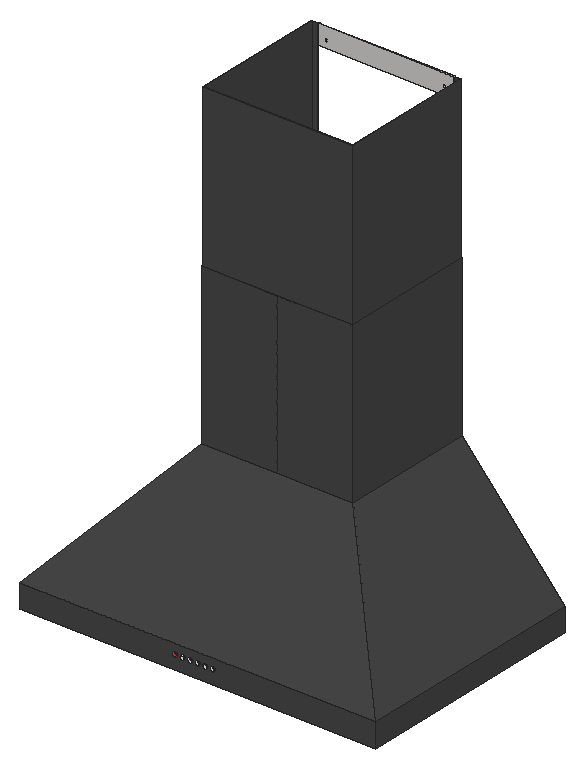
Revit family "FP_Revit_18_HC30PCB1_Rangehood_90001875A", category Specialty Equipment, Revit 2018
Family settings
  Round Connector Dimension = Use Diameter
  Part Type = Normal
  OmniClass Number = 23.40.40.00
  OmniClass Title = Food Service Equipment and Furnishings
  Work Plane-Based = No
  Always vertical = Yes
  Cut with Voids When Loaded = Yes
  Shared = No
  Room Calculation Point = No
Parameters (values of type "HC30PCB1")
  Visibility - Upper Chimney Extension [instance] = yes
  URL = "www.fisherpaykel.com"
  Product - Width = 755 mm  # constant formula
  Product - Height (636mm - 975mm) Ducted [instance] = 975 mm
  Product - Depth = 500 mm  # constant formula
  Model = "HC30PCB1"
  Material - COLOUR CHANGE = Fisher & Paykel - Black
  Material - Buttons and Dials = Fisher & Paykel - Steel, Chrome Plated
  Material - Body = Fisher & Paykel - Stainless Steel
  Manufacturer = "Fisher & Paykel Appliances"
  FFL Offset [instance] = 1565 mm
  Description = "30\" Rangehood"
  Connector Description - Extraction = "6” (152 mm) diameter, rigid or semi-rigid ducting, 600 CFM"
  Connector Description - Electrical = "120 V, 60 Hz"
  Chassis - Width = 320 mm  # constant formula
  Chassis - Height = 298 mm  # constant formula
  Chassis - Depth = 290 mm  # constant formula
Types (5, lengths in mm): name | Model | Material - COLOUR CHANGE
  (no name) | "HC30PCB1" | Fisher & Paykel - Black
  HC30PCB1 | "HC30PCB1" | Fisher & Paykel - Black
  HC30PCR1 | "HC30PCR1" | Fisher & Paykel - Red
  HC30PCX1 | "HC30PCX1" | Fisher & Paykel - Stainless Steel
  HC30PCW1 | "HC30PCW1" | Fisher & Paykel - White
Reference planes
  plane 1 "Datum": y = 0
  plane 2: z = 0
  plane 3 "Center (Left/Right)": x = 0
  plane 4 "Product - Height": z = 2540
  plane 5 "Product LHS": x = -377.5
  plane 6 "Product RHS": x = 377.5
  plane 7 "Product - Depth": y = -500
  plane 8 "Cavity LHS": x = -160
  plane 9 "Cavity RHS": x = 160
  plane 10 "Chassis - Depth": y = -290
  plane 11 "FFL Offset": z = 1565
  plane 12 "Chassis - Height": z = 1863
Forms (mm)
  Extrusion 1, solid, material "Fisher & Paykel - Black" <- "Material - COLOUR CHANGE"
    sketch origin (0, 0, 0) x (1, 0, 0) y (0, 1, 0)
      loop
        line (-145, 0) -> (-160, 0) -> (-160, -290) -> (0, -290) -> (160, -290) -> (160, 0) -> (145, 0) -> (145, -1) -> (159, -1) -> (159, -289) -> (-159, -289) -> (-159, -1) -> (-145, -1) -> (-145, 0)
    from 1863 to 2200
  Extrusion 2, solid, material "Fisher & Paykel - Black" <- "Material - COLOUR CHANGE", visible <- "Visibility - Upper Chimney Extension"
    sketch origin (0, 0, 0) x (1, 0, 0) y (0, 1, 0)
      loop
        line (-158, -2) -> (-145, -2) -> (-145, -1) -> (-159, -1) -> (-159, -289) -> (159, -289) -> (159, -1) -> (145, -1) -> (145, -2) -> (158, -2) -> (158, -288.044) -> (-158, -288.044) -> (-158, -2)
    from 2190 to 2540
  Extrusion 3, solid, material "Fisher & Paykel - Stainless Steel" <- "Material - Body"
    sketch origin (0, 0, 0) x (1, 0, 0) y (0, 1, 0)
      loop
        circle (0, -87.6) r 75
      loop
        circle (0, -87.6) r 74
    from 1850 to 1897.007
  Extrusion 4, solid, material "Fisher & Paykel - Stainless Steel" <- "Material - Body", visible <- "Visibility - Upper Chimney Extension"
    sketch origin (0, 0, 7) x (1, 0, 0) y (0, 0, 1)
      loop
        line (-145, 2491.596) -> (145, 2491.596) -> (145, 2533) -> (-145, 2533) -> (-145, 2491.596)
      loop
        circle (125, 2508) r 2.5
      loop
        circle (-125, 2508) r 2.5
    from 0 to 2
  Extrusion 5, solid, material "Fisher & Paykel - Steel, Chrome Plated" <- "Material - Buttons and Dials", detail levels fine
    sketch origin (0, 0, 565) x (1, 0, 0) y (0, 0, 1)
      loop
        circle (-32, 1029.1) r 3.958
      loop
        circle (-16, 1029.1) r 3.958
      loop
        circle (0, 1029.1) r 3.958
      loop
        circle (16, 1029.1) r 3.958
      loop
        circle (32, 1029.1) r 3.958
    from 501 to 500
  Extrusion 6, void
    sketch origin (0, 0, 0) x (1, 0, 0) y (0, 1, 0)
      loop
        line (-285.2, -479.9) -> (285.2, -479.9) -> (285.2, -89.9) -> (-285.2, -89.9) -> (-285.2, -479.9)
      loop
        circle (-207.5, -42) r 25
      loop
        circle (207.5, -42) r 25
    from 1565 to 1574
  Extrusion 7, solid, material "Fisher & Paykel - Stainless Steel" <- "Material - Body", detail levels fine
    sketch origin (0, 0, 0) x (1, 0, 0) y (0, 1, 0)
      loop
        line (0.5, -89.9) -> (0.5, -479.9) -> (285.2, -479.9) -> (285.2, -89.9) -> (0.5, -89.9)
      loop
        line (275.525, -469.9) -> (275.525, -99.9) -> (10.175, -99.9) -> (10.175, -469.9) -> (110.35, -469.9) -> (110.35, -409.9) -> (175.35, -409.9) -> (175.35, -469.9) -> (275.525, -469.9)
      loop
        line (127.25, -428.3) -> (127.25, -468.3) -> (158.45, -468.3) -> (158.45, -428.3) -> (127.25, -428.3)
      loop
        line (132.45, -433.5) -> (132.45, -463.1) -> (153.25, -463.1) -> (153.25, -433.5) -> (132.45, -433.5)
      loop
        line (132.65, -442.6) -> (132.65, -462.9) -> (153.05, -462.9) -> (153.05, -442.6) -> (132.65, -442.6)
      loop
        line (126.25, -427.3) -> (126.25, -469.3) -> (159.45, -469.3) -> (159.45, -427.3) -> (126.25, -427.3)
      loop
        line (-0.5, -89.9) -> (-285.2, -89.9) -> (-285.2, -479.9) -> (-0.5, -479.9) -> (-0.5, -89.9)
      loop
        line (-275.525, -469.9) -> (-175.35, -469.9) -> (-175.35, -409.9) -> (-110.35, -409.9) -> (-110.35, -469.9) -> (-10.175, -469.9) -> (-10.175, -99.9) -> (-275.525, -99.9) -> (-275.525, -469.9)
      loop
        line (-127.25, -428.3) -> (-158.45, -428.3) -> (-158.45, -468.3) -> (-127.25, -468.3) -> (-127.25, -428.3)
      loop
        line (-132.45, -433.5) -> (-153.25, -433.5) -> (-153.25, -463.1) -> (-132.45, -463.1) -> (-132.45, -433.5)
      loop
        line (-132.65, -442.6) -> (-153.05, -442.6) -> (-153.05, -462.9) -> (-132.65, -462.9) -> (-132.65, -442.6)
      loop
        line (-126.25, -427.3) -> (-159.45, -427.3) -> (-159.45, -469.3) -> (-126.25, -469.3) -> (-126.25, -427.3)
    from 1566 to 1574
  Extrusion 8, solid, material "Fisher & Paykel - Aluminium", detail levels medium+fine
    sketch origin (0, 0, 0) x (1, 0, 0) y (0, 1, 0)
      loop
        line (10.175, -99.9) -> (10.175, -469.9) -> (110.35, -469.9) -> (110.35, -409.9) -> (175.35, -409.9) -> (175.35, -469.9) -> (275.525, -469.9) -> (275.525, -99.9) -> (10.175, -99.9)
      loop
        line (-10.175, -99.9) -> (-275.525, -99.9) -> (-275.525, -469.9) -> (-175.35, -469.9) -> (-175.35, -409.9) -> (-110.35, -409.9) -> (-110.35, -469.9) -> (-10.175, -469.9) -> (-10.175, -99.9)
    from 1566 to 1574
  Extrusion 9, void
    sketch origin (0, 0, 0) x (1, 0, 0) y (0, 0, 1)
      loop
        line (-377.5, 1863) -> (-377.5, 1615) -> (-160, 1863) -> (-377.5, 1863)
      loop
        line (377.5, 1863) -> (160, 1863) -> (377.5, 1615) -> (377.5, 1863)
    from 0 to 500
  Extrusion 10, solid, material "Fisher & Paykel - Black" <- "Material - COLOUR CHANGE"
    sketch origin (0, 0, 0) x (0, 1, 0) y (0, 0, 1)
      loop
        line (-500, 1565) -> (0, 1565) -> (0, 1863) -> (-290, 1863) -> (-500, 1615) -> (-500, 1565)
    from -377.5 to 377.5
  Extrusion 11, solid, material "Fisher & Paykel - Stainless Steel" <- "Material - Body", detail levels medium+fine
    sketch origin (0, 0, 0) x (1, 0, 0) y (0, 1, 0)
      loop
        circle (90.933, -33) r 3
    from 1897.007 to 1850
  Extrusion 12, solid, material "Fisher & Paykel - Steel, Chrome Plated" <- "Material - Buttons and Dials", detail levels medium+fine
    sketch origin (0, 0, 0) x (1, 0, 0) y (0, 1, 0)
      loop
        circle (-207.5, -42) r 25
      loop
        circle (-207.5, -42) r 22
      loop
        circle (207.5, -42) r 25
      loop
        circle (207.5, -42) r 22
    from 1565 to 1574
  Extrusion 13, solid, material "Fisher & Paykel - White Bezel", detail levels fine
    sketch origin (0, 0, 0) x (1, 0, 0) y (0, 1, 0)
      loop
        circle (-207.5, -42) r 22
      loop
        circle (207.5, -42) r 22
    from 1565 to 1574
  Extrusion 14, void
    sketch origin (0, 0, 0) x (1, 0, 0) y (0, 0, 1)
      loop
        circle (254, 1612) r 2.5
      loop
        circle (125, 1859) r 2.5
      loop
        circle (-254, 1610) r 2.5
      loop
        circle (-125, 1859) r 2.5
    from 0 to 7
  Extrusion 15, solid, material "Fisher & Paykel - Stainless Steel" <- "Material - Body"
    sketch origin (0, 0, 0) x (1, 0, 0) y (0, 0, 1)
      loop
        line (-145, 2183) -> (-145, 2143) -> (145, 2143) -> (145, 2183) -> (-145, 2183)
      loop
        circle (125, 2161) r 2.5
      loop
        circle (-125, 2161) r 2.5
    from 0 to 2
  Extrusion 16, void
    sketch origin (0, 0, 0) x (1, 0, 0) y (0, 1, 0)
      loop
        line (-159, -289) -> (159, -289) -> (159, -2) -> (-159, -2) -> (-159, -289)
    from 1850 to 1863
  Extrusion 17, solid, material "Fisher & Paykel - Bezel Red", detail levels fine
    sketch origin (0, 0, 0) x (1, 0, 0) y (0, 0, 1)
      loop
        circle (-48, 1594.1) r 4.044
    from 500 to 501
Cuts and joins
  Extrusion 6, Extrusion 9, Extrusion 14, Extrusion 16 cuts Extrusion 10
  joined: Extrusion 1, Extrusion 10
  Extrusion 14 cuts Extrusion 4
  Extrusion 14 cuts Extrusion 15
Text (mm)
  text "Due to ongoing product development, product details are subject to change without notice. \nPlease always refer to www.fisherpaykel.com for the most current product information. \n© Fisher & Paykel 2020" at (41.04, -1225.549, 0), in view "Ref. Level (Plan)"
Dimensions and locks
  equal spacing: plane 5 "Product LHS", plane 3 "Center (Left/Right)", plane 6 "Product RHS"
  equal spacing: plane 8 "Cavity LHS", plane 3 "Center (Left/Right)", plane 9 "Cavity RHS"
  "Chassis - Width": plane 8 "Cavity LHS" to plane 9 "Cavity RHS"
  locked: Extrusion 1 sketch curve to Extrusion 1 sketch curve at 1  (x3)
  "FFL Offset": plane 11 "FFL Offset" to level
  "Product - Height (636mm - 975mm) Ducted": plane 4 "Product - Height" to plane 11 "FFL Offset"
  locked: Extrusion 8 to plane 11 "FFL Offset" at 9
  locked: Extrusion 7 to plane 11 "FFL Offset" at 1
  locked: Extrusion 1 to plane 11 "FFL Offset" at 635
  "Chassis - Depth": plane 10 "Chassis - Depth" to plane 1 "Datum"
  "Product - Width": plane 5 "Product LHS" to plane 6 "Product RHS"
  "Product - Depth": plane 1 "Datum" to plane 7 "Product - Depth"
  "Chassis - Height": plane 12 "Chassis - Height" to plane 11 "FFL Offset"
  locked: plane 11 "FFL Offset" to Extrusion 14 sketch curve at 294
  locked: plane 4 "Product - Height" to Extrusion 2 at 350
  locked: Extrusion 3 to plane 11 "FFL Offset" at 332.007
  locked: plane 11 "FFL Offset" to cut or joined group of Extrusion 1, Extrusion 6, Extrusion 9, Extrusion 10, Extrusion 14, Extrusion 16 at 285
  locked: plane 11 "FFL Offset" to cut or joined group of Extrusion 14, Extrusion 15 at 596
  locked: plane 11 "FFL Offset" to cut or joined group of Extrusion 14, Extrusion 15 at 618
  locked: plane 11 "FFL Offset" to cut or joined group of Extrusion 14, Extrusion 15 at 578
  cut or joined group of Extrusion 4, Extrusion 14 to plane 4 "Product - Height" = 41.404 mm
  locked: cut or joined group of Extrusion 4, Extrusion 14 to plane 4 "Product - Height" at 25
  locked: plane 11 "FFL Offset" to cut or joined group of Extrusion 1, Extrusion 6, Extrusion 9, Extrusion 10, Extrusion 14, Extrusion 16 at 294
  locked: plane 11 "FFL Offset" to Extrusion 14 sketch curve at 47
  locked: plane 11 "FFL Offset" to cut or joined group of Extrusion 1, Extrusion 6, Extrusion 9, Extrusion 10, Extrusion 14, Extrusion 16 at 47
  locked: Extrusion 7 sketch curve to plane 3 "Center (Left/Right)" at 285.2
  locked: plane 3 "Center (Left/Right)" to Extrusion 7 sketch curve at 285.2
  aligned and locked: level to plane 2
  aligned and locked: Extrusion 1 sketch curve to plane 8 "Cavity LHS"
  aligned and locked: plane 9 "Cavity RHS" to Extrusion 1 sketch curve
  aligned and locked: plane 10 "Chassis - Depth" to Extrusion 1 sketch curve
  aligned and locked: plane 4 "Product - Height" to Extrusion 2
  aligned and locked: Extrusion 10 to plane 6 "Product RHS"
  aligned and locked: plane 5 "Product LHS" to Extrusion 10
  aligned and locked: Extrusion 7 to Extrusion 8  (x2)
  aligned and locked: Extrusion 6 to Extrusion 7
  aligned and locked: cut or joined group of Extrusion 1, Extrusion 6, Extrusion 9, Extrusion 10, Extrusion 14, Extrusion 16 to plane 11 "FFL Offset"
  aligned and locked: Extrusion 12 to Extrusion 7
  aligned and locked: Extrusion 13 to Extrusion 7
  aligned and locked: Extrusion 13 to plane 11 "FFL Offset"
  aligned and locked: Extrusion 12 to plane 11 "FFL Offset"
  aligned and locked: plane 4 "Product - Height" to Extrusion 4
  aligned and locked: Extrusion 1 to plane 12 "Chassis - Height"
  aligned and locked: plane 7 "Product - Depth" to Extrusion 5
  aligned and locked: plane 7 "Product - Depth" to Extrusion 17
  aligned and locked: Extrusion 16 to Extrusion 1
  aligned and locked: cut or joined group of Extrusion 1, Extrusion 6, Extrusion 9, Extrusion 10, Extrusion 14, Extrusion 16 to Extrusion 3
  aligned and locked: Extrusion 3 to Extrusion 11
  aligned and locked: cut or joined group of Extrusion 1, Extrusion 6, Extrusion 9, Extrusion 10, Extrusion 14, Extrusion 16 to Extrusion 11
  aligned and locked: cut or joined group of Extrusion 4, Extrusion 14 to Extrusion 2
  aligned and locked: cut or joined group of Extrusion 14, Extrusion 15 to Extrusion 2
  aligned and locked: Extrusion 8 sketch curve to Extrusion 7  (x2)
Automatic sketch dimensions
  Extrusion 2 sketch curve to plane 8 "Cavity LHS" = 1 mm
  Extrusion 2 sketch curve to Extrusion 2 sketch curve = 1 mm
  plane 1 "Datum" to Extrusion 2 sketch curve = 2 mm  (x2)
  Extrusion 2 sketch curve to Extrusion 2 sketch curve = 13 mm
  plane 9 "Cavity RHS" to Extrusion 2 sketch curve = 15 mm
  plane 9 "Cavity RHS" to Extrusion 2 sketch curve = 2 mm
  plane 9 "Cavity RHS" to Extrusion 2 sketch curve = 1 mm
  plane 10 "Chassis - Depth" to Extrusion 2 sketch curve = 1.956 mm
  plane 10 "Chassis - Depth" to Extrusion 2 sketch curve = 1 mm
  plane 1 "Datum" to Extrusion 2 sketch curve = 1 mm  (x2)
  Extrusion 4 sketch curve to plane 4 "Product - Height" = 0 mm
  Extrusion 4 sketch curve to plane 8 "Cavity LHS" = 15 mm
  Extrusion 4 sketch curve to plane 8 "Cavity LHS" = 35 mm
  plane 9 "Cavity RHS" to Extrusion 4 sketch curve = 35 mm
  plane 9 "Cavity RHS" to Extrusion 4 sketch curve = 15 mm
  Extrusion 4 sketch curve to plane 4 "Product - Height" = 25 mm  (x2)
  Extrusion 4 sketch curve to Extrusion 4 sketch curve = 16.404 mm
  Extrusion 6 sketch curve to plane 5 "Product LHS" = 92.3 mm
  plane 8 "Cavity LHS" to Extrusion 6 sketch curve = 47.5 mm
  plane 6 "Product RHS" to Extrusion 6 sketch curve = 92.3 mm
  plane 7 "Product - Depth" to Extrusion 6 sketch curve = 20.1 mm
  plane 1 "Datum" to Extrusion 6 sketch curve = 89.9 mm
  plane 1 "Datum" to Extrusion 6 sketch curve = 42 mm  (x2)
  plane 9 "Cavity RHS" to Extrusion 11 sketch curve = 69.067 mm
  plane 10 "Chassis - Depth" to Extrusion 11 sketch curve = 257 mm
  Extrusion 12 sketch curve to Extrusion 12 sketch curve = 0 mm  (x4)
  plane 8 "Cavity LHS" to Extrusion 12 sketch curve = 47.5 mm
  Extrusion 12 sketch curve to plane 9 "Cavity RHS" = 47.5 mm
  plane 1 "Datum" to Extrusion 12 sketch curve = 42 mm  (x2)
  plane 8 "Cavity LHS" to Extrusion 13 sketch curve = 47.5 mm
  Extrusion 13 sketch curve to plane 9 "Cavity RHS" = 47.5 mm
  plane 1 "Datum" to Extrusion 13 sketch curve = 42 mm  (x2)
  plane 11 "FFL Offset" to Extrusion 14 sketch curve = 45 mm
  plane 8 "Cavity LHS" to Extrusion 14 sketch curve = 94 mm
  Extrusion 14 sketch curve to plane 12 "Chassis - Height" = 4 mm
  Extrusion 14 sketch curve to plane 8 "Cavity LHS" = 35 mm
  plane 9 "Cavity RHS" to Extrusion 14 sketch curve = 35 mm
  Extrusion 14 sketch curve to plane 9 "Cavity RHS" = 94 mm
  Extrusion 15 sketch curve to plane 8 "Cavity LHS" = 15 mm
  Extrusion 15 sketch curve to plane 8 "Cavity LHS" = 35 mm
  plane 9 "Cavity RHS" to Extrusion 15 sketch curve = 35 mm
  plane 9 "Cavity RHS" to Extrusion 15 sketch curve = 15 mm
  plane 12 "Chassis - Height" to Extrusion 15 sketch curve = 280 mm
  Extrusion 15 sketch curve to Extrusion 15 sketch curve = 18 mm  (x2)
  Extrusion 15 sketch curve to Extrusion 15 sketch curve = 22 mm
  plane 1 "Datum" to Extrusion 1 sketch curve = 0 mm  (x2)
  Extrusion 1 sketch curve to plane 3 "Center (Left/Right)" = 0 mm
  plane 1 "Datum" to Extrusion 1 sketch curve = 1 mm  (x2)
  Extrusion 1 sketch curve to Extrusion 1 sketch curve = 14 mm  (x2)
  Extrusion 10 sketch curve to plane 7 "Product - Depth" = 0 mm
  Extrusion 10 sketch curve to plane 12 "Chassis - Height" = 0 mm
  Extrusion 10 sketch curve to plane 10 "Chassis - Depth" = 0 mm
  Extrusion 10 sketch curve to plane 1 "Datum" = 0 mm
  Extrusion 10 sketch curve to plane 11 "FFL Offset" = 0 mm
  Extrusion 10 sketch curve to Extrusion 10 sketch curve = 50 mm
  plane 5 "Product LHS" to Extrusion 9 sketch curve = 0 mm
  plane 8 "Cavity LHS" to Extrusion 9 sketch curve = 0 mm
  plane 9 "Cavity RHS" to Extrusion 9 sketch curve = 0 mm
  plane 6 "Product RHS" to Extrusion 9 sketch curve = 0 mm
  Extrusion 9 sketch curve to plane 12 "Chassis - Height" = 0 mm  (x2)
  plane 11 "FFL Offset" to Extrusion 9 sketch curve = 50 mm  (x2)
  Extrusion 5 sketch curve to plane 3 "Center (Left/Right)" = 0 mm
  Extrusion 5 sketch curve to plane 3 "Center (Left/Right)" = 16 mm
  Extrusion 5 sketch curve to Extrusion 5 sketch curve = 16 mm  (x3)
  plane 11 "FFL Offset" to Extrusion 5 sketch curve = 29.1 mm
  Extrusion 5 sketch curve to Extrusion 5 sketch curve = 0 mm  (x4)
  Extrusion 17 sketch curve to plane 3 "Center (Left/Right)" = 48 mm
  plane 11 "FFL Offset" to Extrusion 17 sketch curve = 29.1 mm
  Extrusion 3 sketch curve to Extrusion 3 sketch curve = 0 mm  (x2)
  plane 1 "Datum" to Extrusion 3 sketch curve = 87.6 mm
  plane 6 "Product RHS" to Extrusion 3 sketch curve = 377.5 mm
  plane 1 "Datum" to Extrusion 16 sketch curve = 2 mm
  Extrusion 16 sketch curve to plane 8 "Cavity LHS" = 1 mm
  plane 9 "Cavity RHS" to Extrusion 16 sketch curve = 1 mm
  plane 10 "Chassis - Depth" to Extrusion 16 sketch curve = 1 mm
  plane 7 "Product - Depth" to Extrusion 7 sketch curve = 20.1 mm
  Extrusion 7 sketch curve to Extrusion 7 sketch curve = 9.675 mm  (x2)
  plane 8 "Cavity LHS" to Extrusion 7 sketch curve = 15.35 mm
  Extrusion 7 sketch curve to plane 8 "Cavity LHS" = 0.55 mm
  Extrusion 7 sketch curve to Extrusion 7 sketch curve = 1 mm  (x7)
  Extrusion 7 sketch curve to plane 8 "Cavity LHS" = 6.75 mm
  Extrusion 7 sketch curve to plane 8 "Cavity LHS" = 6.95 mm
  Extrusion 7 sketch curve to Extrusion 7 sketch curve = 20.4 mm
  Extrusion 7 sketch curve to Extrusion 7 sketch curve = 0.2 mm  (x4)
  Extrusion 7 sketch curve to Extrusion 7 sketch curve = 5.2 mm  (x6)
  Extrusion 7 sketch curve to Extrusion 7 sketch curve = 15.9 mm  (x2)
  Extrusion 7 sketch curve to plane 3 "Center (Left/Right)" = 10.175 mm
  Extrusion 7 sketch curve to plane 3 "Center (Left/Right)" = 0.5 mm
  plane 3 "Center (Left/Right)" to Extrusion 7 sketch curve = 0.5 mm
  plane 3 "Center (Left/Right)" to Extrusion 7 sketch curve = 10.175 mm
  plane 9 "Cavity RHS" to Extrusion 7 sketch curve = 49.65 mm
  plane 9 "Cavity RHS" to Extrusion 7 sketch curve = 6.95 mm
  plane 9 "Cavity RHS" to Extrusion 7 sketch curve = 6.75 mm
  plane 9 "Cavity RHS" to Extrusion 7 sketch curve = 1.55 mm
  plane 9 "Cavity RHS" to Extrusion 7 sketch curve = 0.55 mm
  Extrusion 7 sketch curve to plane 9 "Cavity RHS" = 15.35 mm
  Extrusion 7 sketch curve to Extrusion 7 sketch curve = 0 mm
  Extrusion 7 sketch curve to Extrusion 7 sketch curve = 10 mm  (x6)
  Extrusion 7 sketch curve to Extrusion 7 sketch curve = 0.6 mm  (x2)
  Extrusion 7 sketch curve to Extrusion 7 sketch curve = 20.3 mm  (x2)
  Extrusion 7 sketch curve to Extrusion 7 sketch curve = 9.1 mm  (x2)
  Extrusion 7 sketch curve to Extrusion 7 sketch curve = 17.4 mm  (x2)
  plane 1 "Datum" to Extrusion 7 sketch curve = 99.9 mm  (x2)
  plane 8 "Cavity LHS" to Extrusion 8 sketch curve = 15.35 mm
  Extrusion 8 sketch curve to plane 8 "Cavity LHS" = 49.65 mm
  Extrusion 8 sketch curve to plane 3 "Center (Left/Right)" = 10.175 mm
  plane 3 "Center (Left/Right)" to Extrusion 8 sketch curve = 10.175 mm
  plane 9 "Cavity RHS" to Extrusion 8 sketch curve = 49.65 mm
  Extrusion 8 sketch curve to plane 9 "Cavity RHS" = 15.35 mm
  plane 7 "Product - Depth" to Extrusion 8 sketch curve = 30.1 mm  (x4)
  Extrusion 8 sketch curve to Extrusion 8 sketch curve = 60 mm  (x2)
  plane 1 "Datum" to Extrusion 8 sketch curve = 99.9 mm
  Extrusion 8 sketch curve to Extrusion 8 sketch curve = 0 mm
  Extrusion 6 sketch curve to plane 9 "Cavity RHS" = 47.5 mm
  radius of Extrusion 4 sketch curve = 2.5 mm  (x2)
  radius of Extrusion 6 sketch curve = 25 mm  (x2)
  radius of Extrusion 11 sketch curve = 3 mm
  radius of Extrusion 12 sketch curve = 25 mm  (x2)
  radius of Extrusion 12 sketch curve = 22 mm  (x2)
  radius of Extrusion 13 sketch curve = 22 mm  (x2)
  radius of Extrusion 14 sketch curve = 2.5 mm  (x4)
  radius of Extrusion 15 sketch curve = 2.5 mm  (x2)
  radius of Extrusion 5 sketch curve = 3.958 mm  (x5)
  radius of Extrusion 17 sketch curve = 4.044 mm
  radius of Extrusion 3 sketch curve = 75 mm
  radius of Extrusion 3 sketch curve = 74 mm
Connectors
  hvac at (0, -87.6, 1897.007), driven by "Connector Description - Extraction"
    settings: on Extrusion 3, index 1, duct flow 0.0 L/s, flow factor 0, pres drop 0.0 Pa, loss coef 0, conn angle 0.00°, conn width 304.8 mm, conn height 304.8 mm, conn diameter 150 mm, duct sys type 4, conn prof type 0, flow config 0, flow direction 2, loss method 0, conn ref index -1, conn util no, is conn primary yes, conn desc "6” (152 mm) diameter, rigid or semi-rigid ducting, 600 CFM"
  electrical at (90.933, -33, 1850), driven by "Connector Description - Electrical"
    settings: on Extrusion 11, index 2, voltage 120 V, apparent load 0 VA, apparent load phase1 0 VA, apparent load phase2 0 VA, apparent load phase3 0 VA, power factor 1, load classification "Other", number of poles 1, system type 30, power factor state 1, is connector primary yes, connector utility no, sub classification motor no, connector description "120 V, 60 Hz"
